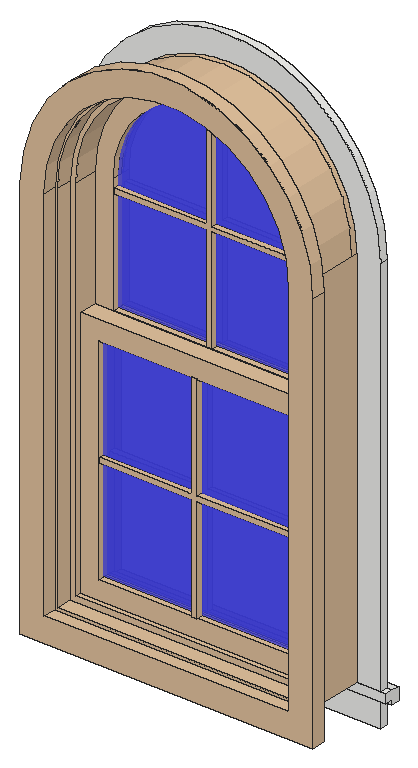
Revit family "d6ec903ac20743e68a34e6b0005e15d9", category Windows, host Wall, Revit 2021
Family settings
  Host = Wall
  OmniClass Number = 23.30.20.17.17.14
  OmniClass Title = Double-Hung Windows
  Always vertical = Yes
  Cut with Voids When Loaded = No
  Shared = No
  Room Calculation Point = No
Parameters (values of type "24" x 48"")
  Wall Thickness [instance] = 0' - 6"
  Window Inset [instance] = 0' - 0"
  Visual Light Transmittance = 0.81
  Top Muntin Visibility = yes
  Thermal Resistance (R) = 1.8146 (h·ft²·°F)/BTU
  Solar Heat Gain Coefficient = 0.76
  Muntin Width = Width - 0' 6"  # 1' - 6"
  Muntin Pattern = Muntin Pattern_2x2 : Muntin Pattern_2x2
  Muntin Height = 0.5 * (Height - 0' 6" - 0' 1 3/4")  # 1' - 8 1/8"
  Interior Wall Closure [instance] = 0' - 1 1/2"
  Interior Trim Material = Wood - Stained
  Interior Trim = Trim-Window-Interior-Arch-Hung : Picture Frame
  Rough Width = Width + 0' 0 1/2"  # 2' - 0 1/2"
  Rough Height = Height + 0' 0 1/2"  # 4' - 0 1/2"
  Indicator Visibility [instance] = yes
  Half Width = 0.5 * Width  # 1' - 0"
  Frame Extension [instance] = if(Exterior Trim Visibility, Window Inset + 0' 1 1/4", 0' 1 1/4")  # 0' - 1 1/4"
  Fire Rating = "0.5h"
  Exterior Wall Closure [instance] = 0' - 0 1/2"
  Exterior Trim Material = Clad - White
  Extension Jamb Visibility [instance] = and(Interior Trim Visibility, Wall Thickness - Window Inset > 0' 4 1/2")  # yes
  Interior Trim Visibility [instance] = yes
  Exterior Trim Visibility [instance] = yes
  Exterior Trim = Trim-Window-Exterior-Arch-Hung : with Sill
  Extension Jamb [instance] = if(Wall Thickness - Window Inset > 0' 4 1/2", Wall Thickness - Window Inset - 0' 4 1/2", 0' 1")  # 0' - 1 1/2"
  Define Thermal Properties by = Schematic Type
  Construction Type Id = "DG-DR"
  Heat Transfer Coefficient (U) = 0.5511 BTU/(h·ft²·°F)
  Bottom Muntin Visibility = yes
  Assembly Code = "B2020100"
  Glass Panel Material = Glass
  Height = 2 * Width  # 4' - 0"
  Exterior Frame Material = Clad - White
  Interior Frame Material = Wood - Stained
  Wall Closure = By host
  Width = 2' - 0"
  Analytic Construction = "Double glazing - domestic"
Types (4): name | Muntin Width | Muntin Height | Rough Width | Rough Height | Half Width | Height | Width
  (no name) | 1' - 6" | 1' - 8 1/8" | 2' - 0 1/2" | 4' - 0 1/2" | 1' - 0" | 4' - 0" | 2' - 0"
  24" x 48" | 1' - 6" | 1' - 8 1/8" | 2' - 0 1/2" | 4' - 0 1/2" | 1' - 0" | 4' - 0" | 2' - 0"
  30" x 60" | 2' - 0" | 2' - 2 1/8" | 2' - 6 1/2" | 5' - 0 1/2" | 1' - 3" | 5' - 0" | 2' - 6"
  36" x 72" | 2' - 6" | 2' - 8 1/8" | 3' - 0 1/2" | 6' - 0 1/2" | 1' - 6" | 6' - 0" | 3' - 0"
Reference planes (in)
  plane 1: y = 1.25
  plane 2: z = 0
  plane 3 "Center (Left/Right)": x = 0
  plane 4 "Left": x = -12
  plane 5 "Right": x = 12
  plane 6 "Sill": z = 36
  plane 7 "Top": z = 84
  plane 8 "Wall Face": y = 3
  plane 9: y = -3
  plane 10 "Middle": z = 60
  plane 11: z = 82.75
  plane 12: z = 37.25
  plane 13: x = 10.75
  plane 14: x = -10.75
  plane 15: x = 9
  plane 16: x = -9
  plane 17: z = 39
  plane 18: z = 81
  plane 19 "Wall Closure": y = -1.5
  plane 20: z = 83.375
  plane 21 "Frame Face": y = 3.75
  plane 22 "Sash 2": y = -1
  plane 23 "Sash Face 1": y = 2.5
  plane 24 "Inset Face": y = 3
  plane 25 "Sash 1": y = 0.75
  plane 26 "Glass 1": y = 1.625
  plane 27: z = 60.875
  plane 28: z = 59.125
  plane 29 "Glass 2": y = -0.125
  plane 30: y = -1.5
  plane 31: z = 49.0625
  plane 32: z = 70.9375
  plane 33: z = 72
  plane 34: y = 2
  plane 35: y = -1.5
  plane 36: y = 2.5
  plane 37: y = 3.75
  plane 38 "Center (Front/Back)": y = 0
Forms (in)
  Extrusion 1, solid, material "Wood - Stained" <- "Interior Frame Material", visible <- "Extension Jamb Visibility"
    sketch origin (0, -0.25, 0) x (-1, 0, 0) y (0, 0, 1)
      loop
        line (12, 36) -> (12, 72)
        arc (12, 72) -> (0, 84) -> (-12, 72) r 12
        line (-12, 72) -> (-12, 36) -> (12, 36)
      loop
        line (11.25, 36.75) -> (11.25, 72)
        arc (11.25, 72) -> (0, 83.25) -> (-11.25, 72) r 11.25
        line (-11.25, 72) -> (-11.25, 36.75) -> (11.25, 36.75)
    from -2.75 to -1.25
  Sweep 2, solid, material "Wood - Stained" <- "Interior Frame Material"
    path origin (0, 2.5, 0) x (-1, 0, 0) y (0, 0, 1)
      loop
        line (-12, 36) -> (12, 36) -> (12, 72)
        arc (12, 72) -> (0, 84) -> (-12, 72) r 12
        line (-12, 72) -> (-12, 36)
    profile origin (12, 2.5, 54) x (1, 0, 0) y (0, 1, 0)
      loop
        line (-1.25, 1.25) -> (-1.25, -4) -> (0, -4) -> (0, 1.25) -> (-1.25, 1.25)
  Sweep 3, solid, material "Wood - Stained" <- "Interior Frame Material"
    path origin (0, 2.5, 0) x (-1, 0, 0) y (0, 0, 1)
      loop
        line (-10.75, 59.125) -> (10.75, 59.125) -> (10.75, 72)
        arc (10.75, 72) -> (0, 82.75) -> (-10.75, 72) r 10.75
        line (-10.75, 72) -> (-10.75, 59.125)
    profile origin (10.75, 2.5, 65.5625) x (1, 0, 0) y (0, 1, 0)
      loop
        line (0, 0) -> (-1.75, 0) -> (-1.75, -1.75) -> (0, -1.75) -> (0, 0)
  Sweep 4, solid, material "Wood - Stained" <- "Interior Frame Material"
    path origin (0, 0.75, 0) x (-1, 0, 0) y (0, 0, 1)
      loop
        line (-10.75, 37.25) -> (10.75, 37.25) -> (10.75, 60.875) -> (-10.75, 60.875) -> (-10.75, 37.25)
    profile origin (10.75, 0.75, 49.0625) x (1, 0, 0) y (0, 1, 0)
      loop
        line (0, 0) -> (-1.75, 0) -> (-1.75, -1.75) -> (0, -1.75) -> (0, 0)
  Extrusion 5, solid, material "Glass" <- "Glass Panel Material"
    sketch origin (0, 0, 0) x (1, 0, 0) y (0, 1, 0)
      loop
        line (-9, 0.25) -> (-9, 0) -> (9, 0) -> (9, 0.25) -> (-9, 0.25)
      loop
        line (9, -0.25) -> (-9, -0.25) -> (-9, -0.5) -> (9, -0.5) -> (9, -0.25)
    from 39 to 59.125
  Extrusion 6, solid, material "Glass" <- "Glass Panel Material"
    sketch origin (0, 0.75, 0) x (-1, 0, 0) y (0, 0, 1)
      loop
        line (-9, 72) -> (-9, 60.875) -> (9, 60.875) -> (9, 72)
        arc (9, 72) -> (0, 81) -> (-9, 72) r 9
    from 1 to 1.25
  Extrusion 7, solid, material "Glass" <- "Glass Panel Material"
    sketch origin (0, 0.75, 0) x (-1, 0, 0) y (0, 0, 1)
      loop
        line (-9, 72) -> (-9, 60.875) -> (9, 60.875) -> (9, 72)
        arc (9, 72) -> (0, 81) -> (-9, 72) r 9
    from 0.5 to 0.75
  Sweep 8, solid, material "Wood - Stained" <- "Interior Frame Material"
    path origin (-23.6482, 3.75, 48) x (-1, 0, 0) y (0, 0, 1)
      loop
        arc (-11.6482, 24) -> (-23.6482, 36) -> (-35.6482, 24) r 12
    profile origin (0, 3.75, 84) x (0, 0, -1) y (0, 1, 0)
      loop
        line (0, 0) -> (0, -1.25) -> (1.25, -1.25) -> (1.25, 0) -> (0, 0)
  Sweep 9, solid, material "Wood - Stained" <- "Interior Frame Material"
    path origin (-20.73768, 2.5, 48) x (-1, 0, 0) y (0, 0, 1)
      loop
        arc (-9.98768, 24) -> (-20.73768, 34.75) -> (-31.48768, 24) r 10.75
    profile origin (0, 2.5, 82.75) x (0, 0, -1) y (0, 1, 0)
      loop
        line (0, 0) -> (0, -0.5) -> (1.75, -0.5) -> (1.75, 0) -> (0, 0)
  Extrusion 10, void
    sketch origin (0, 0, 0) x (1, 0, 0) y (0, 1, 0)
      loop
        line (-12, 3.75) -> (-12, 2.5) -> (12, 2.5) -> (12, 3.75) -> (-12, 3.75)
    from 72 to 84
  Extrusion 11, void
    sketch origin (0, 0, 0) x (1, 0, 0) y (0, 1, 0)
      loop
        line (-10.75, 2.5) -> (-10.75, 2) -> (10.75, 2) -> (10.75, 2.5) -> (-10.75, 2.5)
    from 72 to 82.75
Cuts and joins
  Extrusion 10 cuts Sweep 2
  joined: Sweep 2, Sweep 8
  Extrusion 11 cuts Sweep 3
  joined: Sweep 3, Sweep 9
Lines and regions (in)
  Opening 1
    outline origin (-60, -3, 0) x (1, 0, 0) y (0, 0, 1)
      loop
        line (72, 36) -> (72, 72)
        arc (72, 72) -> (60, 84) -> (48, 72) r 12
        line (48, 72) -> (48, 36) -> (72, 36)
  Split face 1
    outline origin (-9, -1, 39) x (1, 0, 0) y (0, 1, 0)
      loop
        line (0, 1) -> (18, 1)
  Split face 2
    outline origin (9, -1, 39) x (0, 0, 1) y (0, 1, 0)
      loop
        line (0, 1) -> (20.125, 1)
  Split face 3
    outline origin (-9, -1, 59.125) x (0, 0, -1) y (0, 1, 0)
      loop
        line (20.125, 1) -> (0, 1)
  Split face 4
    outline origin (9, -1, 59.125) x (0, 1, 0) y (-1, 0, 0)
      loop
        line (1, 0) -> (1, 18)
  Split face 5
    outline origin (-10.75, -1.5, 37.25) x (1, 0, 0) y (0, 1, 0)
      loop
        line (0, 2.25) -> (21.5, 2.25)
  Split face 6
    outline origin (-10.75, -1.5, 72) x (0, 0, -1) y (0, 1, 0)
      loop
        line (0, 4) -> (12.875, 4) -> (12.875, 2.25) -> (34.75, 2.25)
  Split face 7
    outline origin (10.75, -1.5, 37.25) x (0, 0, 1) y (0, 1, 0)
      loop
        line (0, 2.25) -> (21.875, 2.25) -> (21.875, 4) -> (34.75, 4)
  Split face 8
    outline origin (9, 0.75, 60.875) x (0, 0, 1) y (0, 1, 0)
      loop
        line (11.125, 1.25) -> (0, 1.25)
  Split face 9
    outline origin (-9, 0.75, 72) x (0, 0, -1) y (0, 1, 0)
      loop
        line (11.125, 1.25) -> (0, 1.25)
  Split face 10
    outline origin (-9, 0.75, 60.875) x (1, 0, 0) y (0, 1, 0)
      loop
        line (18, 1.25) -> (0, 1.25)
Text (in)
  text "EXTERIOR" at (-58.6888, 30.41546, 0), in view "Ref. Level"
  text "INTERIOR" at (-58.6888, -28.32711, 0), in view "Ref. Level"
  text "Exterior" at (0, 43.65631, 134.44969), in view "Left"
  text "Exterior" at (0, 18.29385, 125.04747), in view "Right"
Dimensions and locks (in)
  equal spacing: plane 4 "Left", plane 3 "Center (Left/Right)", plane 5 "Right"
  "Width": plane 4 "Left" to plane 5 "Right"
  equal spacing: plane 6 "Sill", plane 10 "Middle", plane 7 "Top"
  "Height": plane 7 "Top" to plane 6 "Sill"
  locked: plane 5 "Right" to plane 13 at 1.25
  locked: plane 14 to plane 4 "Left" at 1.25
  locked: plane 11 to plane 7 "Top" at 1.25
  locked: plane 6 "Sill" to plane 12 at 1.25
  locked: plane 15 to plane 13 at 1.75
  locked: plane 14 to plane 16 at 1.75
  locked: plane 18 to plane 11 at 1.75
  locked: plane 12 to plane 17 at 1.75
  "Wall Thickness": host wall to host wall
  locked: plane 7 "Top" to plane 20 at 0.625
  locked: plane 21 "Frame Face" to plane 8 "Wall Face" at 0.75
  locked: plane 24 "Inset Face" to plane 23 "Sash Face 1" at 0.5
  "Window Inset": plane 8 "Wall Face" to plane 24 "Inset Face"
  locked: plane 23 "Sash Face 1" to plane 25 "Sash 1" at 1.75
  locked: plane 25 "Sash 1" to plane 22 "Sash 2" at 1.75
  equal spacing: plane 23 "Sash Face 1", plane 26 "Glass 1", plane 25 "Sash 1"
  equal spacing: plane 28, plane 10 "Middle", plane 27
  locked: plane 28 to plane 27 at 1.75
  equal spacing: plane 25 "Sash 1", plane 29 "Glass 2", plane 22 "Sash 2"
  locked: Extrusion 5 sketch curve to Extrusion 5 sketch curve at 0.25  (x3)
  equal spacing: Extrusion 5 sketch curve, plane 29 "Glass 2", Extrusion 5 sketch curve
  locked: plane 22 "Sash 2" to plane 30 at 0.5
  "Extension Jamb": plane 19 "Wall Closure" to host wall
  locked: Extrusion 1 sketch curve to plane 5 "Right" at 0.75
  locked: plane 4 "Left" to Extrusion 1 sketch curve at 0.75
  locked: plane 6 "Sill" to Extrusion 1 sketch curve at 0.75
  equal spacing: plane 27, plane 32, plane 18
  equal spacing: plane 17, plane 31, plane 28
  "Half Width": plane 33 to plane 7 "Top"
  Extrusion 6 to Extrusion 6 to plane 26 "Glass 1" = 0' - 0 1/4" locked, 0' - 0 1/8" locked
  plane 26 "Glass 1" to Extrusion 7 to Extrusion 7 = 0' - 0 1/8" locked, 0' - 0 1/4" locked
  "Interior Wall Closure": plane 35 to plane 9
  "Exterior Wall Closure": plane 8 "Wall Face" to plane 36
  locked: plane 25 "Sash 1" to plane 1 at 0.5
  locked: plane 23 "Sash Face 1" to plane 34 at 0.5
  "Frame Extension": plane 37 to plane 23 "Sash Face 1"
  aligned and locked: plane 9 to host wall
  aligned and locked: host wall to plane 8 "Wall Face"
  aligned and locked: Opening 1 sketch curve to plane 4 "Left"
  aligned and locked: plane 5 "Right" to Opening 1 sketch curve
  aligned and locked: Opening 1 sketch curve to plane 6 "Sill"
  aligned and locked: Extrusion 1 sketch curve to plane 4 "Left"
  aligned and locked: plane 5 "Right" to Extrusion 1 sketch curve
  aligned and locked: Extrusion 1 sketch curve to plane 6 "Sill"
  aligned and locked: plane 19 "Wall Closure" to Extrusion 1
  aligned and locked: Sweep 2 sketch curve to host wall  (x3)
  aligned and locked: plane 5 "Right" to Sweep 2 sketch curve
  aligned and locked: plane 13 to Sweep 2 sketch curve
  aligned and locked: Sweep 3 sketch curve to plane 13
  aligned and locked: plane 14 to Sweep 3 sketch curve
  aligned and locked: Sweep 3 sketch curve to plane 25 "Sash 1"
  aligned and locked: plane 28 to Sweep 3 sketch curve
  aligned and locked: Sweep 4 sketch curve to plane 27
  aligned and locked: Sweep 4 sketch curve to plane 13
  aligned and locked: plane 14 to Sweep 4 sketch curve
  aligned and locked: plane 12 to Sweep 4 sketch curve
  aligned and locked: profile plane to Sweep 4 sketch curve
  aligned and locked: Sweep 4 sketch curve to profile plane
  aligned and locked: Sweep 4 sketch curve to plane 22 "Sash 2"
  aligned and locked: plane 15 to Sweep 4 sketch curve
  aligned and locked: Extrusion 5 sketch curve to plane 16
  aligned and locked: plane 16 to Extrusion 5 sketch curve
  aligned and locked: plane 15 to Extrusion 5 sketch curve
  aligned and locked: Extrusion 5 sketch curve to plane 15
  aligned and locked: plane 17 to Extrusion 5
  aligned and locked: plane 28 to Extrusion 5
  aligned and locked: Split face 1 sketch curve to Extrusion 5
  aligned and locked: Split face 2 sketch curve to Extrusion 5
  aligned and locked: Split face 3 sketch curve to Extrusion 5
  aligned and locked: Split face 4 sketch curve to Extrusion 5
  aligned and locked: plane 15 to Sweep 3 sketch curve
  aligned and locked: Split face 5 sketch curve to plane 25 "Sash 1"
  aligned and locked: plane 30 to Sweep 2 sketch curve
  aligned and locked: Extrusion 1 to plane 9
  aligned and locked: Split face 6 sketch curve to plane 25 "Sash 1"
  aligned and locked: plane 28 to Split face 6 sketch curve
  aligned and locked: Split face 6 sketch curve to plane 23 "Sash Face 1"
  aligned and locked: nested 3 to plane 8 "Wall Face"
  aligned and locked: plane 3 "Center (Left/Right)" to nested 3
  aligned and locked: nested 4 to plane 3 "Center (Left/Right)"
  aligned and locked: plane 31 to nested 4
  aligned and locked: plane 3 "Center (Left/Right)" to nested 5
  aligned and locked: plane 32 to nested 5
  aligned and locked: plane 33 to Extrusion 1 sketch curve  (x2)
  aligned and locked: plane 3 "Center (Left/Right)" to Extrusion 1 sketch curve  (x2)
  aligned and locked: plane 33 to Opening 1 sketch curve
  aligned and locked: plane 3 "Center (Left/Right)" to Opening 1 sketch curve
  aligned and locked: plane 33 to Sweep 2 sketch curve
  aligned and locked: plane 3 "Center (Left/Right)" to Sweep 2 sketch curve
  aligned and locked: plane 33 to Sweep 3 sketch curve  (x3)
  aligned and locked: plane 3 "Center (Left/Right)" to Sweep 3 sketch curve
  aligned and locked: Extrusion 6 sketch curve to plane 27
  aligned and locked: Extrusion 6 sketch curve to plane 15
  aligned and locked: plane 16 to Extrusion 6 sketch curve
  aligned and locked: plane 33 to Extrusion 6 sketch curve
  aligned and locked: plane 3 "Center (Left/Right)" to Extrusion 6 sketch curve
  aligned and locked: plane 27 to Extrusion 7 sketch curve
  aligned and locked: plane 15 to Extrusion 7 sketch curve
  aligned and locked: Extrusion 7 sketch curve to plane 16
  aligned and locked: plane 33 to Extrusion 7 sketch curve
  aligned and locked: plane 3 "Center (Left/Right)" to Extrusion 7 sketch curve
  aligned and locked: Split face 7 sketch curve to plane 23 "Sash Face 1"
  aligned and locked: plane 28 to Split face 7 sketch curve
  aligned and locked: Split face 7 sketch curve to plane 25 "Sash 1"
  aligned and locked: Extrusion 6 to Split face 8 sketch curve
  aligned and locked: plane 33 to Sweep 8 sketch curve  (x3)
  aligned and locked: plane 5 "Right" to Sweep 8 sketch curve
  aligned and locked: plane 4 "Left" to Sweep 8 sketch curve
  aligned and locked: profile plane to Sweep 8 sketch curve
  aligned and locked: Sweep 8 sketch curve to plane 11
  aligned and locked: plane 33 to Sweep 9 sketch curve  (x3)
  aligned and locked: plane 13 to Sweep 9 sketch curve
  aligned and locked: plane 3 "Center (Left/Right)" to Sweep 9 sketch curve
  aligned and locked: profile plane to Sweep 9 sketch curve  (x2)
  aligned and locked: Sweep 9 sketch curve to plane 18
  aligned and locked: Sweep 9 sketch curve to Extrusion 6
  aligned and locked: nested 3 to plane 7 "Top"
  aligned and locked: nested 2 to plane 17
  aligned and locked: plane 27 to nested 1
  aligned and locked: nested 1 to plane 26 "Glass 1"
  aligned and locked: nested 2 to plane 29 "Glass 2"
  aligned and locked: plane 28 to nested 2
  aligned and locked: nested 2 to plane 15
  aligned and locked: nested 2 to plane 16
  aligned and locked: plane 18 to nested 1
  aligned and locked: nested 1 to plane 15
  aligned and locked: nested 1 to plane 16
  aligned and locked: plane 7 "Top" to nested 7
  aligned and locked: plane 3 "Center (Left/Right)" to nested 7
  aligned and locked: plane 7 "Top" to nested 6
  aligned and locked: nested 6 to plane 3 "Center (Left/Right)"
  aligned and locked: Extrusion 10 sketch curve to plane 4 "Left"
  aligned and locked: plane 5 "Right" to Extrusion 10 sketch curve
  aligned and locked: Extrusion 10 to plane 7 "Top"
  aligned and locked: Extrusion 10 to plane 33
  aligned and locked: Extrusion 10 to plane 23 "Sash Face 1"
  aligned and locked: plane 21 "Frame Face" to Extrusion 10
  aligned and locked: Sweep 8 sketch curve to plane 23 "Sash Face 1"
  aligned and locked: plane 14 to Extrusion 11 sketch curve
  aligned and locked: Extrusion 11 sketch curve to plane 13
  aligned and locked: plane 11 to Extrusion 11
  aligned and locked: Extrusion 11 to plane 33
  aligned and locked: plane 34 to Split face 9 sketch curve
  aligned and locked: plane 34 to Split face 10 sketch curve
  aligned and locked: Extrusion 11 sketch curve to plane 23 "Sash Face 1"
  aligned and locked: plane 34 to Extrusion 11 sketch curve
  aligned and locked: Sweep 2 sketch curve to plane 37
  aligned and locked: Sweep 8 sketch curve to plane 37
Automatic sketch dimensions
  Split face 1 sketch curve to Sweep 4 = 0' - 0"  (x2)
  Split face 2 sketch curve to Sweep 4 = 0' - 0"
  Sweep 4 to Split face 2 sketch curve = 0' - 0"
  Sweep 4 to Split face 3 sketch curve = 0' - 0"
  Split face 3 sketch curve to Sweep 4 = 0' - 0"
  Split face 4 sketch curve to Sweep 4 = 0' - 0"  (x2)
  Sweep 3 sketch curve to profile plane = 0' - 0"
  Sweep 3 sketch curve to plane 23 "Sash Face 1" = 0' - 0"
  Split face 5 sketch curve to Sweep 2 = 0' - 0"  (x2)
  Split face 6 sketch curve to Sweep 2 = 0' - 0"  (x2)
  Split face 7 sketch curve to Sweep 2 = 0' - 0"  (x2)
  Split face 8 sketch curve to Sweep 3 = 0' - 0"  (x2)
  Extrusion 10 sketch curve to plane 21 "Frame Face" = 0' - 1 1/4"
  Extrusion 10 sketch curve to Extrusion 10 sketch curve = 0' - 1 1/4"
  Split face 9 sketch curve to Sweep 3 = 0' - 0"  (x2)
  Split face 10 sketch curve to Sweep 3 = 0' - 0"  (x2)
Nested families (in)
  nested 1: "Muntin Pattern_2x2" at (0, 1.625, 60.875), Exterior Material <- "Exterior Frame Material", Interior Material <- "Interior Frame Material", type <- "Muntin Pattern", visible <- "Top Muntin Visibility", type "Muntin Pattern_2x2"
    with Width 1' - 6", Interior Material Wood - Stained, Height 1' - 8 1/8", Exterior Material Clad - White
  nested 2: "Muntin Pattern_2x2" at (0, -0.125, 39), Exterior Material <- "Exterior Frame Material", Interior Material <- "Interior Frame Material", type <- "Muntin Pattern", visible <- "Bottom Muntin Visibility", type "Muntin Pattern_2x2"
    with Width 1' - 6", Interior Material Wood - Stained, Height 1' - 8 1/8", Exterior Material Clad - White
  nested 3: "Plan-Double-Hung" at (0, 3, 36), Window Inset <- "Window Inset", Width <- "Width", Wall Thickness <- "Wall Thickness", Height <- "Height", type "Plan-Double-Hung"
    with Window Inset of 3D 0' - 0 1/2", Window Inset 0' - 0", Width 2' - 0", Wall Thickness 0' - 6", Height 4' - 0"
  nested 4: "Filled Arrow" at (0, 0.75, 49.0625) x (0, 0, 1) z (0, 1, 0), visible <- "Indicator Visibility", type "Filled Arrow"
  nested 5: "Filled Arrow" at (0, 0.75, 70.9375) x (0, 0, -1) z (0, 1, 0), visible <- "Indicator Visibility", type "Filled Arrow"
  nested 6: "Trim-Window-Exterior-Arch-Hung" at (0, 3, 84) x (-1, 0, 0) z (0, 1, 0), visible <- "Exterior Trim Visibility", Trim Material <- "Exterior Trim Material", Opening Width <- "Width", type <- "Exterior Trim", type "with Sill"
    with Trim Material Clad - White, Opening Width 2' - 0", Opening Height 4' - 0", Half Width 1' - 0"
  nested 7: "Trim-Window-Interior-Arch-Hung" at (0, -3, 84) x (1, 0, 0) z (0, -1, 0), visible <- "Interior Trim Visibility", Trim Material <- "Interior Trim Material", Opening Width <- "Width", type <- "Interior Trim", type "Picture Frame"
    with Trim Material Wood - Stained, Opening Width 2' - 0", Opening Height 4' - 0", Half Width 1' - 0"
Definition of nested family "Muntin Pattern_2x2"
  Parameters (values of type "Muntin Pattern_2x2")
    Width [instance] = 4' - 0"
    Thickness = 0' - 0 1/2"
    Height [instance] = 4' - 0"
    Interior Material [instance] = none
    Exterior Material [instance] = none
    Distance = 0' - 0 3/4"
    Default Elevation = 0' - 0"
  Reference planes (in)
    plane 1 "Center (Front/Back)": y = 0
    plane 2: z = 0
    plane 3 "Center (Left/Right)": x = 0
    plane 4: z = 48
    plane 5: x = -24
    plane 6: x = 24
    plane 7: z = 24
    plane 8: y = 0.375
    plane 9: y = 0.875
    plane 10: y = -0.375
    plane 11: y = -0.875
  Forms (in)
    Extrusion 1, solid, material <- "Interior Material", detail levels fine
      sketch origin (0, 0, 0) x (1, 0, 0) y (0, 0, 1)
        loop
          line (-24, 24.25) -> (-24, 23.75) -> (-0.25, 23.75) -> (-0.25, 0) -> (0.25, 0) -> (0.25, 23.75) -> (24, 23.75) -> (24, 24.25) -> (0.25, 24.25) -> (0.25, 48) -> (-0.25, 48) -> (-0.25, 24.25) -> (-24, 24.25)
      from 0.375 to 0.875
    Extrusion 2, solid, material <- "Exterior Material", detail levels fine
      sketch origin (0, 0, 0) x (1, 0, 0) y (0, 0, -1)
        loop
          line (-24, -24.25) -> (-0.25, -24.25) -> (-0.25, -48) -> (0.25, -48) -> (0.25, -24.25) -> (24, -24.25) -> (24, -23.75) -> (0.25, -23.75) -> (0.25, 0) -> (-0.25, 0) -> (-0.25, -23.75) -> (-24, -23.75) -> (-24, -24.25)
      from 0.375 to 0.875
  Lines and regions (in)
    model lines, detail levels medium
      curve 1: line (0, 0.375, 48) -> (0, 0.375, 0)
      curve 2: line (-24, -0.375, 24) -> (24, -0.375, 24)
      curve 3: line (-24, 0.375, 24) -> (24, 0.375, 24)
      curve 4: line (0, -0.375, 48) -> (0, -0.375, 0)
  Dimensions and locks (in)
    equal spacing: plane 6, plane 3 "Center (Left/Right)", plane 5
    "Width": plane 6 to plane 5
    "Height": plane 4 to plane 2
    equal spacing: plane 4, plane 7, plane 2
    locked: plane 3 "Center (Left/Right)" to Extrusion 1 sketch curve at 0.25  (x4)
    locked: Extrusion 1 sketch curve to plane 7 at 0.25  (x2)
    locked: plane 7 to Extrusion 1 sketch curve at 0.25  (x2)
    "Thickness": plane 9 to plane 8
    "Thickness": plane 10 to plane 11
    "Distance": plane 8 to plane 10
    equal spacing: plane 8, plane 1 "Center (Front/Back)", plane 10
    aligned and locked: plane 2 to level
    aligned and locked: plane 4 to curve 1
    aligned and locked: plane 5 to curve 2
    aligned and locked: plane 2 to curve 1
    aligned and locked: plane 6 to curve 2
    aligned and locked: Extrusion 1 sketch curve to plane 4
    aligned and locked: Extrusion 1 sketch curve to plane 6
    aligned and locked: Extrusion 1 sketch curve to plane 5
    aligned and locked: Extrusion 1 sketch curve to level
    aligned and locked: Extrusion 1 to plane 11
    aligned and locked: plane 10 to Extrusion 1
    aligned and locked: Extrusion 2 to plane 5
    aligned and locked: plane 6 to Extrusion 2
    aligned and locked: Extrusion 2 to plane 8
    aligned and locked: plane 9 to Extrusion 2
    aligned and locked: Extrusion 2 to plane 2
    aligned and locked: plane 4 to Extrusion 2
    aligned and locked: plane 5 to curve 3
    aligned and locked: plane 6 to curve 3
    aligned and locked: plane 4 to curve 4
    aligned and locked: plane 2 to curve 4
    aligned and locked: plane 8 to curve 3
  Automatic sketch dimensions
    curve 2 to plane 7 = 0' - 0"
    Extrusion 2 sketch curve to plane 5 = 0' - 0"
    Extrusion 2 sketch curve to level = 0' - 0"
    Extrusion 2 sketch curve to plane 4 = 0' - 0"
    Extrusion 2 sketch curve to plane 6 = 0' - 0"
    Extrusion 2 sketch curve to plane 3 "Center (Left/Right)" = 0' - 0 1/4"  (x2)
    plane 3 "Center (Left/Right)" to Extrusion 2 sketch curve = 0' - 0 1/4"  (x2)
    plane 7 to Extrusion 2 sketch curve = 0' - 0 1/4"  (x2)
    Extrusion 2 sketch curve to plane 7 = 0' - 0 1/4"  (x2)
    curve 4 to plane 3 "Center (Left/Right)" = 0' - 0"
    curve 4 to level = 0' - 0"
    curve 4 to plane 4 = 0' - 0"
    curve 3 to plane 6 = 0' - 0"
    curve 1 to plane 3 "Center (Left/Right)" = 0' - 0"
    curve 3 to plane 5 = 0' - 0"
    curve 3 to plane 7 = 0' - 0"
Definition of nested family "Trim-Window-Exterior-Arch-Hung"
  Parameters (values of type "with Sill")
    Trim Width = 0' - 2 1/4"
    Trim Thickness_Picture Frame = 0' - 1 1/4"
    Trim Thickness_with Sill = 0' - 0 3/4"
    Trim Material [instance] = none
    Sill Thickness = 0' - 1 1/4"
    Sill = yes
    Picture Frame = no
    Opening Width [instance] = 2' - 0"
    Opening Height [instance] = 2 * Opening Width  # 4' - 0"
    Half Width [instance] = 0.5 * Opening Width  # 1' - 0"
    Default Elevation = 4' - 0"
  Types (2): name | Sill | Picture Frame
    with Sill | yes | no
    Picture Frame | no | yes
  Reference planes (in)
    plane 1 "Center (Front/Back)": y = 0
    plane 2: z = 0
    plane 3 "Center (Left/Right)": x = 0
    plane 4: y = 2.25
    plane 5 "Left": x = -12
    plane 6 "Right": x = 12
    plane 7 "Bottom": y = -48
    plane 8: y = -49.25
    plane 9: y = -51.12332
    plane 10: x = 14.25
    plane 11: x = -14.25
    plane 12: z = 0.75
    plane 13: z = 1.25
    plane 14: x = 14.75
    plane 15: x = -14.75
    plane 16: y = -48.87332
    plane 17: y = -50.25
    plane 18: z = 0.5
    plane 19: z = 1.5
    plane 20: y = -12
  Forms (in)
    Extrusion 1, solid
      sketch origin (0, 0, 0) x (1, 0, 0) y (0, 1, 0)
        loop
          line (-14.25, 2.25) -> (-14.25, -51.12332) -> (14.25, -51.12332) -> (14.25, 2.25) -> (-14.25, 2.25)
      from 0 to -12
    Extrusion 2, solid, material <- "Trim Material", visible <- "Sill"
      sketch origin (0, 0, 0) x (1, 0, 0) y (0, 1, 0)
        loop
          line (-14.25, -48) -> (-12, -48) -> (-12, -12)
          arc (-12, -12) -> (0, 0) -> (12, -12) r 12
          line (12, -12) -> (12, -48) -> (14.25, -48) -> (14.25, -12)
          arc (14.25, -12) -> (0, 2.25) -> (-14.25, -12) r 14.25
          line (-14.25, -12) -> (-14.25, -48)
      from 0 to 0.75
    Extrusion 3, solid, material <- "Trim Material", visible <- "Sill"
      sketch origin (0, 0, 0) x (0, 1, 0) y (0, 0, 1)
        loop
          line (-48.09677, 1.5) -> (-49.25, 1.5) -> (-49.25, 0.75) -> (-48.87332, 0.75) -> (-48.87332, 0) -> (-48, 0) -> (-48, 0.75) -> (-48.09677, 1.5)
      from -14.75 to 14.75
    Extrusion 4, solid, material <- "Trim Material", visible <- "Sill"
      sketch origin (0, 0, 0) x (1, 0, 0) y (0, 1, 0)
        loop
          line (-14.25, -48.87332) -> (-14.25, -51.12332) -> (14.25, -51.12332) -> (14.25, -48.87332) -> (-14.25, -48.87332)
      from 0 to 0.75
    Extrusion 5, solid, material <- "Trim Material", visible <- "Picture Frame"
      sketch origin (0, 0, 0) x (1, 0, 0) y (0, 1, 0)
        loop
          line (-12, -48) -> (12, -48) -> (12, -12)
          arc (12, -12) -> (0, 0) -> (-12, -12) r 12
          line (-12, -12) -> (-12, -48)
        loop
          line (-14.25, -50.25) -> (14.25, -50.25) -> (14.25, -12)
          arc (14.25, -12) -> (0, 2.25) -> (-14.25, -12) r 14.25
          line (-14.25, -12) -> (-14.25, -50.25)
      from 0 to 1.25
  Dimensions and locks (in)
    equal spacing: plane 5 "Left", plane 3 "Center (Left/Right)", plane 6 "Right"
    "Opening Width": plane 5 "Left" to plane 6 "Right"
    "Opening Height": plane 7 "Bottom" to plane 1 "Center (Front/Back)"
    "Sill Thickness": plane 7 "Bottom" to plane 8
    "Trim Width": plane 11 to plane 5 "Left"
    "Trim Width": plane 6 "Right" to plane 10
    "Trim Width": plane 1 "Center (Front/Back)" to plane 4
    locked: plane 15 to plane 11 at 0.5
    locked: plane 10 to plane 14 at 0.5
    locked: plane 16 to plane 8 at 0.37668
    "Trim Width": plane 9 to plane 16
    "Trim Width": plane 17 to plane 7 "Bottom"
    locked: plane 18 to plane 2 at 0.5
    locked: plane 19 to plane 12 at 0.75
    "Trim Thickness_with Sill": plane 12 to plane 2
    "Trim Thickness_Picture Frame": plane 13 to plane 2
    "Half Width": plane 20 to plane 1 "Center (Front/Back)"
    aligned and locked: plane 2 to Extrusion 1
    aligned and locked: level to Extrusion 1
    aligned and locked: Extrusion 2 sketch curve to plane 5 "Left"
    aligned and locked: Extrusion 2 sketch curve to plane 11
    aligned and locked: plane 7 "Bottom" to Extrusion 2 sketch curve  (x2)
    aligned and locked: plane 10 to Extrusion 2 sketch curve
    aligned and locked: Extrusion 2 sketch curve to plane 6 "Right"
    aligned and locked: plane 12 to Extrusion 2
    aligned and locked: Extrusion 3 sketch curve to level
    aligned and locked: plane 7 "Bottom" to Extrusion 3 sketch curve
    aligned and locked: Extrusion 3 sketch curve to plane 8
    aligned and locked: plane 15 to Extrusion 3
    aligned and locked: Extrusion 3 to plane 14
    aligned and locked: plane 10 to Extrusion 4 sketch curve
    aligned and locked: Extrusion 4 sketch curve to plane 11
    aligned and locked: plane 16 to Extrusion 4 sketch curve
    aligned and locked: plane 9 to Extrusion 4 sketch curve
    aligned and locked: Extrusion 4 to Extrusion 2
    aligned and locked: Extrusion 5 sketch curve to plane 17
    aligned and locked: plane 7 "Bottom" to Extrusion 5 sketch curve
    aligned and locked: Extrusion 5 sketch curve to plane 6 "Right"
    aligned and locked: plane 10 to Extrusion 5 sketch curve
    aligned and locked: Extrusion 5 sketch curve to plane 5 "Left"
    aligned and locked: Extrusion 5 sketch curve to plane 11
    aligned and locked: plane 13 to Extrusion 5
    aligned and locked: plane 19 to Extrusion 3
    aligned and locked: plane 20 to Extrusion 5 sketch curve  (x6)
    aligned and locked: plane 3 "Center (Left/Right)" to Extrusion 5 sketch curve  (x2)
    aligned and locked: plane 20 to Extrusion 2 sketch curve  (x6)
    aligned and locked: plane 3 "Center (Left/Right)" to Extrusion 2 sketch curve  (x2)
  Automatic sketch dimensions
    Extrusion 1 sketch curve to Extrusion 1 sketch curve = 2' - 4 1/2"
    Extrusion 1 sketch curve to Extrusion 1 sketch curve = 4' - 5.37332"
    Extrusion 3 sketch curve to plane 16 = 0' - 0"
    Extrusion 3 sketch curve to plane 12 = 0' - 0"  (x2)
    Extrusion 3 sketch curve to plane 7 "Bottom" = 0' - 0.09677"
    plane 13 to Extrusion 3 sketch curve = 0' - 0 1/4"
Definition of nested family "Trim-Window-Interior-Arch-Hung"
  Parameters (values of type "with Sill")
    Trim Thickness_Picture Frame = 0' - 1 1/4"
    Trim Width = 0' - 2 1/4"
    Trim Thickness_with Sill = 0' - 0 3/4"
    Trim Material [instance] = none
    Sill Thickness = 0' - 1 1/4"
    Sill = yes
    Picture Frame = no
    Opening Width [instance] = 2' - 0"
    Opening Height [instance] = 2 * Opening Width  # 4' - 0"
    Half Width [instance] = 0.5 * Opening Width  # 1' - 0"
    Default Elevation = 4' - 0"
  Types (2): name | Sill | Picture Frame
    with Sill | yes | no
    Picture Frame | no | yes
  Reference planes (in)
    plane 1 "Center (Front/Back)": y = 0
    plane 2: z = 0
    plane 3 "Center (Left/Right)": x = 0
    plane 4: y = 1.75
    plane 5 "Left": x = -12
    plane 6 "Right": x = 12
    plane 7 "Bottom": y = -48
    plane 8: y = -49.25
    plane 9: y = -51.12332
    plane 10: x = 13.75
    plane 11: x = -13.75
    plane 12: z = 0.75
    plane 13: z = 1.25
    plane 14: x = 14.25
    plane 15: x = -14.25
    plane 16: y = -48.87332
    plane 17: y = -49.75
    plane 18: z = 0.5
    plane 19: x = -11.5
    plane 20: y = -0.5
    plane 21: x = 11.5
    plane 22: y = -47.5
    plane 23: x = -13.25
    plane 24: x = 13.25
    plane 25: y = -12
    plane 26: y = -24
  Forms (in)
    Extrusion 1, solid
      sketch origin (0, 0, 0) x (1, 0, 0) y (0, 1, 0)
        loop
          line (-13.75, 1.75) -> (-13.75, -51.12332) -> (13.75, -51.12332) -> (13.75, 1.75) -> (-13.75, 1.75)
      from 0 to -12
    Extrusion 2, solid, material <- "Trim Material", visible <- "Sill"
      sketch origin (0, 0, 0) x (1, 0, 0) y (0, 1, 0)
        loop
          line (-13.25, -48) -> (-11.5, -48) -> (-11.5, -12)
          arc (-11.5, -12) -> (0, -0.5) -> (11.5, -12) r 11.5
          line (11.5, -12) -> (11.5, -48) -> (13.25, -48) -> (13.25, -12)
          arc (13.25, -12) -> (0, 1.25) -> (-13.25, -12) r 13.25
          line (-13.25, -12) -> (-13.25, -48)
      from 0 to 0.75
    Extrusion 3, solid, material <- "Trim Material", visible <- "Sill"
      sketch origin (0, 0, 0) x (0, 1, 0) y (0, 0, 1)
        loop
          line (-48.5, 1.5) -> (-48.87332, 1.5) -> (-48.87332, 0) -> (-48, 0) -> (-48, 1)
          arc (-48, 1) -> (-48.14645, 1.35355) -> (-48.5, 1.5) r 0.5
      from -13.75 to 13.75
    Extrusion 4, solid, material <- "Trim Material", visible <- "Sill"
      sketch origin (0, 0, 0) x (1, 0, 0) y (0, 1, 0)
        loop
          line (-13.25, -48.87332) -> (-13.25, -51.12332) -> (13.25, -51.12332) -> (13.25, -48.87332) -> (-13.25, -48.87332)
      from 0 to 0.75
    Extrusion 5, solid, material <- "Trim Material", visible <- "Picture Frame"
      sketch origin (0, 0, 0) x (1, 0, 0) y (0, 1, 0)
        loop
          line (-11.5, -47.5) -> (11.5, -47.5) -> (11.5, -12)
          arc (11.5, -12) -> (0, -0.5) -> (-11.5, -12) r 11.5
          line (-11.5, -12) -> (-11.5, -47.5)
        loop
          line (-13.75, -49.75) -> (13.75, -49.75) -> (13.75, -12)
          arc (13.75, -12) -> (0, 1.75) -> (-13.75, -12) r 13.75
          line (-13.75, -12) -> (-13.75, -49.75)
      from 0 to 1.25
  Dimensions and locks (in)
    equal spacing: plane 5 "Left", plane 3 "Center (Left/Right)", plane 6 "Right"
    "Opening Width": plane 5 "Left" to plane 6 "Right"
    "Opening Height": plane 7 "Bottom" to plane 1 "Center (Front/Back)"
    "Sill Thickness": plane 7 "Bottom" to plane 8
    "Trim Width": plane 11 to plane 19
    "Trim Width": plane 21 to plane 10
    "Trim Width": plane 20 to plane 4
    "Trim Thickness_with Sill": plane 12 to plane 2
    locked: plane 15 to plane 11 at 0.5
    locked: plane 10 to plane 14 at 0.5
    locked: plane 16 to plane 8 at 0.37668
    "Trim Width": plane 9 to plane 16
    "Trim Width": plane 17 to plane 22
    plane 20 to plane 1 "Center (Front/Back)" = 0' - 0 1/2"
    plane 5 "Left" to plane 19 = 0' - 0 1/2"
    plane 21 to plane 6 "Right" = 0' - 0 1/2"
    plane 22 to plane 7 "Bottom" = 0' - 0 1/2"
    locked: plane 11 to plane 23 at 0.5
    locked: plane 24 to plane 10 at 0.5
    "Trim Thickness_Picture Frame": plane 13 to plane 2
    locked: Extrusion 3 to plane 12 at 0.75
    locked: plane 12 to Extrusion 3 sketch curve at 0.75
    "Half Width": plane 25 to plane 1 "Center (Front/Back)"
    radius of Extrusion 3 sketch curve = 0' - 0 1/2"
    aligned and locked: plane 2 to Extrusion 1
    aligned and locked: level to Extrusion 1
    aligned and locked: plane 7 "Bottom" to Extrusion 2 sketch curve  (x2)
    aligned and locked: plane 12 to Extrusion 2
    aligned and locked: Extrusion 3 sketch curve to level
    aligned and locked: plane 7 "Bottom" to Extrusion 3 sketch curve
    aligned and locked: plane 16 to Extrusion 4 sketch curve
    aligned and locked: plane 9 to Extrusion 4 sketch curve
    aligned and locked: Extrusion 5 sketch curve to plane 17
    aligned and locked: plane 10 to Extrusion 5 sketch curve
    aligned and locked: Extrusion 5 sketch curve to plane 11
    aligned and locked: plane 13 to Extrusion 5
    aligned and locked: Extrusion 5 sketch curve to plane 19
    aligned and locked: Extrusion 5 sketch curve to plane 21
    aligned and locked: plane 22 to Extrusion 5 sketch curve
    aligned and locked: Extrusion 4 to plane 24
    aligned and locked: plane 11 to Extrusion 3
    aligned and locked: Extrusion 3 to plane 10
    aligned and locked: Extrusion 2 sketch curve to plane 21
    aligned and locked: Extrusion 2 sketch curve to plane 24
    aligned and locked: Extrusion 2 sketch curve to plane 19
    aligned and locked: Extrusion 2 sketch curve to plane 23
    aligned and locked: plane 12 to Extrusion 4
    aligned and locked: plane 25 to Extrusion 5 sketch curve  (x6)
    aligned and locked: plane 3 "Center (Left/Right)" to Extrusion 5 sketch curve  (x2)
    aligned and locked: plane 25 to Extrusion 2 sketch curve  (x6)
    aligned and locked: plane 3 "Center (Left/Right)" to Extrusion 2 sketch curve  (x2)
  Automatic sketch dimensions
    Extrusion 1 sketch curve to Extrusion 1 sketch curve = 2' - 3 1/2"
    Extrusion 1 sketch curve to Extrusion 1 sketch curve = 4' - 4.87332"
    Extrusion 3 sketch curve to plane 16 = 0' - 0"
    Extrusion 4 sketch curve to plane 11 = 0' - 0 1/2"
    Extrusion 4 sketch curve to plane 24 = 0' - 0"
Definition of nested family "Plan-Double-Hung"
  Parameters (values of type "Plan-Double-Hung")
    Window Inset [instance] = 0' - 0"
    Window Inset of 3D [instance] = if(Window Inset = 0' 0", 0' 0 1/2", if(Window Inset < Wall Thickness - 0' 3 1/2", Window Inset + 0' 0 1/2", Wall Thickness - 0' 3 1/2"))  # 0' - 0 1/2"
    Width [instance] = 4' - 0"
    Wall Thickness [instance] = 0' - 6"
    Height [instance] = 3' - 0"
    Default Elevation = 4' - 0"
    Analytic Construction = "<None>"
  Reference planes (in)
    plane 1 "Center (Front/Back)": y = 0
    plane 2: z = 0
    plane 3 "Center (Left/Right)": x = 0
    plane 4: x = -24
    plane 5: x = 24
    plane 6 "Jamb": y = -4
    plane 7: x = -22.75
    plane 8: y = -0.5
    plane 9: y = -2.25
    plane 10: y = -1.375
    plane 11: x = -21
    plane 12: x = 22.75
    plane 13: x = 21
    plane 14 "Window Inset": y = -1
    plane 15 "Wall": y = -6
    plane 16: z = 36
    plane 17: z = 34.75
    plane 18: z = 1.25
    plane 19: z = 33
    plane 20: z = 3
    plane 21: z = 18
    plane 22: z = 17.125
    plane 23: z = 18.875
    plane 24: y = -3.125
  Lines and regions (in)
    Masking region 1
      outline origin (0, 0.75, 0) x (1, 0, 0) y (0, 1, 0)
        loop
          line (-24, -6.75) -> (24, -6.75) -> (24, -0.75) -> (-24, -0.75) -> (-24, -6.75)
    Masking region 2
      outline origin (0, 0, 0) x (0, 1, 0) y (0, 0, 1)
        loop
          line (-6, 36) -> (-6, 0) -> (0, 0) -> (0, 36) -> (-6, 36)
    symbolic lines
      curve 1: line (-22.75, -2.25, 0) -> (-21, -2.25, 0)
      curve 2: line (-22.75, -0.5, 0) -> (-22.75, -4, 0)
      curve 3: line (-24, -0.5, 0) -> (-21, -0.5, 0)
      curve 4: line (-21, -0.5, 0) -> (-21, -2.25, 0)
      curve 5: line (-21, -1.375, 0) -> (21, -1.375, 0)
      curve 6: line (22.75, -2.25, 0) -> (21, -2.25, 0)
      curve 7: line (22.75, -0.5, 0) -> (22.75, -4, 0)
      curve 8: line (21, -0.5, 0) -> (21, -2.25, 0)
      curve 9: line (-24, -4, 0) -> (-22.75, -4, 0)
      curve 10: line (22.75, -4, 0) -> (24, -4, 0)
      curve 11: line (0, -0.5, 34.75) -> (0, -4, 34.75)
      curve 12: line (0, -4, 0) -> (0, -4, 3)
      curve 13: line (0, -0.5, 1.25) -> (0, -4, 1.25)
      curve 14: line (0, -0.5, 36) -> (0, -0.5, 33)
      curve 15: line (0, -0.5, 33) -> (0, -2.25, 33)
      curve 16: line (0, -4, 3) -> (0, -2.25, 3)
      curve 17: line (0, -1.375, 18.875) -> (0, -1.375, 33)
      curve 18: line (0, -2.25, 34.75) -> (0, -2.25, 33)
      curve 19: line (21, -0.5, 0) -> (24, -0.5, 0)
      curve 20: line (0, -4, 34.75) -> (0, -4, 36)
      curve 21: line (0, -0.5, 1.25) -> (0, -0.5, 0)
      curve 22: line (0, -2.25, 3) -> (0, -2.25, 1.25)
      curve 23: line (0, -4, 18.875) -> (0, -0.5, 18.875)
      curve 24: line (0, -4, 17.125) -> (0, -4, 18.875)
      curve 25: line (0, -0.5, 17.125) -> (0, -4, 17.125)
      curve 26: line (0, -0.5, 18.875) -> (0, -0.5, 17.125)
      curve 27: line (0, -2.25, 18.875) -> (0, -2.25, 17.125)
      curve 28: line (0, -3.125, 17.125) -> (0, -3.125, 3)
      curve 29: line (-21, -0.5, 0) -> (21, -0.5, 0)
      curve 30: line (-22.75, -4, 0) -> (22.75, -4, 0)
      curve 31: line (0, -0.5, 33) -> (0, -0.5, 18.875)
      curve 32: line (0, -4, 34.75) -> (0, -4, 18.875)
      curve 33: line (0, -4, 17.125) -> (0, -4, 3)
      curve 34: line (0, -0.5, 17.125) -> (0, -0.5, 1.25)
  Dimensions and locks (in)
    "Width": plane 4 to plane 5
    equal spacing: plane 4, plane 3 "Center (Left/Right)", plane 5
    locked: plane 4 to plane 7 at 1.25
    equal spacing: plane 8, plane 10, plane 9
    locked: plane 5 to plane 12 at 1.25
    locked: plane 8 to plane 14 "Window Inset" at 0.5
    locked: plane 8 to plane 9 at 1.75
    "Wall Thickness": plane 15 "Wall" to plane 1 "Center (Front/Back)"
    "Height": plane 16 to plane 2
    locked: plane 16 to plane 17 at 1.25
    locked: plane 18 to plane 2 at 1.25
    locked: plane 9 to plane 6 "Jamb" at 1.75
    "Window Inset of 3D": plane 8 to plane 1 "Center (Front/Back)"
    locked: plane 7 to plane 11 at 1.75
    locked: plane 13 to plane 12 at 1.75
    locked: plane 17 to plane 19 at 1.75
    locked: plane 20 to plane 18 at 1.75
    equal spacing: plane 19, plane 21, plane 20
    equal spacing: plane 23, plane 21, plane 22
    locked: plane 23 to plane 22 at 1.75
    equal spacing: plane 6 "Jamb", plane 24, plane 9
    aligned and locked: plane 2 to level
    aligned and locked: curve 1 to plane 9
    aligned and locked: plane 4 to Masking region 1 sketch curve
    aligned and locked: Masking region 1 sketch curve to plane 5
    aligned and locked: Masking region 1 sketch curve to plane 15 "Wall"
    aligned and locked: curve 9 to plane 6 "Jamb"
    aligned and locked: curve 10 to plane 6 "Jamb"
    aligned and locked: plane 1 "Center (Front/Back)" to Masking region 1 sketch curve
    aligned and locked: Masking region 2 sketch curve to plane 16
    aligned and locked: plane 15 "Wall" to Masking region 2 sketch curve
    aligned and locked: level to Masking region 2 sketch curve
    aligned and locked: plane 6 "Jamb" to curve 12
    aligned and locked: plane 17 to curve 11
    aligned and locked: plane 18 to curve 13
    aligned and locked: curve 14 to plane 8
    aligned and locked: plane 19 to curve 15
    aligned and locked: curve 16 to plane 20
    aligned and locked: plane 10 to curve 17
    aligned and locked: plane 4 to curve 3
    aligned and locked: plane 5 to curve 19
    aligned and locked: plane 16 to curve 14
    aligned and locked: plane 8 to curve 11
    aligned and locked: plane 8 to curve 13
    aligned and locked: plane 2 to curve 21
    aligned and locked: plane 8 to curve 2
    aligned and locked: plane 8 to curve 7
    aligned and locked: curve 18 to plane 9
    aligned and locked: plane 17 to curve 18
    aligned and locked: plane 19 to curve 18
    aligned and locked: plane 2 to curve 12
    aligned and locked: curve 19 to plane 8
    aligned and locked: curve 3 to plane 8
    aligned and locked: curve 4 to plane 11
    aligned and locked: plane 13 to curve 8
    aligned and locked: curve 5 to plane 10
    aligned and locked: plane 9 to curve 6
    aligned and locked: plane 6 "Jamb" to curve 20
    aligned and locked: curve 22 to plane 9
    aligned and locked: curve 23 to plane 23
    aligned and locked: plane 6 "Jamb" to curve 24
    aligned and locked: plane 22 to curve 25
    aligned and locked: curve 26 to plane 8
    aligned and locked: curve 27 to plane 9
    aligned and locked: plane 23 to curve 17
    aligned and locked: curve 28 to plane 24
  Automatic sketch dimensions
    Masking region 2 sketch curve to plane 1 "Center (Front/Back)" = 0' - 0"
    curve 9 to plane 4 = 0' - 0"
    curve 2 to plane 7 = 0' - 0"
    curve 7 to plane 12 = 0' - 0"
    curve 10 to plane 5 = 0' - 0"
    curve 34 to plane 18 = 0' - 0"
    curve 20 to plane 16 = 0' - 0"
Definition of nested family "Filled Arrow"
  Parameters (values of type "Filled Arrow")
    D3 = 0' - 0"
    D2 = D1 / 6  # 0' - 1.33333"
    D1 = 0' - 8"
  Reference planes (in)
    plane 1 "Center (Front/Back)": y = 0
    plane 2: z = 0
    plane 3 "Center (Left/Right)": x = 0
    plane 4: y = 0.66667
    plane 5: y = -0.66667
    plane 6: x = -4
    plane 7: x = 4
    plane 8: through (8.02606, -2.81908, 48) normal (-0.5736, -0.8192, 0)
    plane 9: through (8.02606, 2.81908, 48) normal (0.5736, -0.8192, 0)
    plane 10: x = 1.33333
  Lines and regions (in)
    Filled region 1, type "Concrete Block", in view "Ref. Level"
      outline origin (0, 0, 0) x (1, 0, 0) y (0, 1, 0)
        loop
          line (-4, 0.66667) -> (-4, -0.66667) -> (1.33333, -0.66667) -> (1.33333, -1.86722) -> (4, 0) -> (1.33333, 1.86722) -> (1.33333, 0.66667) -> (-4, 0.66667)
    detail lines, in view "Ref. Level"
      curve 1: line (-4, 0.66667, 0) -> (1.33333, 0.66667, 0)
      curve 2: line (-4, 0.66667, 0) -> (-4, -0.66667, 0)
      curve 3: line (-4, -0.66667, 0) -> (1.33333, -0.66667, 0)
      curve 4: line (4, 0, 0) -> (1.33333, -1.86722, 0)
      curve 5: line (4, 0, 0) -> (1.33333, 1.86722, 0)
      curve 6: line (1.33333, -0.66667, 0) -> (1.33333, -1.86722, 0)
      curve 7: line (1.33333, 1.86722, 0) -> (1.33333, 0.66667, 0)
  Dimensions and locks (in)
    equal spacing: plane 6, plane 3 "Center (Left/Right)", plane 7
    "D1": plane 6 to plane 7
    equal spacing: plane 4, plane 1 "Center (Front/Back)", plane 5
    "D2": plane 4 to plane 5
    "D2": plane 3 "Center (Left/Right)" to plane 10
    locked: plane 8 to plane 1 "Center (Front/Back)" (angle 35.00°)
    locked: plane 1 "Center (Front/Back)" to plane 9 (angle 35.00°)
    aligned and locked: curve 1 to plane 4
    aligned and locked: curve 2 to plane 6
    aligned and locked: curve 3 to plane 5
    aligned and locked: curve 4 to plane 9
    aligned and locked: curve 5 to plane 8
    aligned and locked: curve 6 to plane 10
    aligned and locked: curve 7 to plane 10
    aligned and locked: Filled region 1 sketch curve to curve 1
    aligned and locked: Filled region 1 sketch curve to curve 2
    aligned and locked: Filled region 1 sketch curve to curve 3
    aligned and locked: Filled region 1 sketch curve to curve 6
    aligned and locked: Filled region 1 sketch curve to curve 4
    aligned and locked: Filled region 1 sketch curve to curve 5
    aligned and locked: Filled region 1 sketch curve to curve 7
